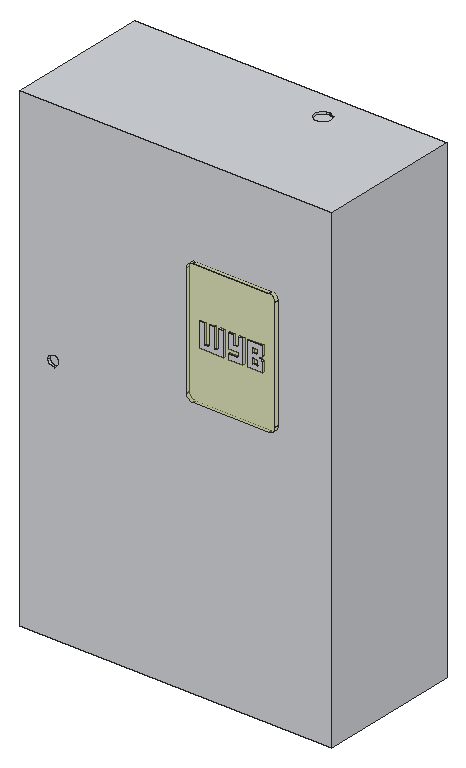
Revit family "ШУВ-М_С300_РЖ_ЮТ_18.03.25", category Оборудование, Revit 2020
Family settings
  Размер круглого соединителя = Использовать диаметр
  Классификация = Нет
  Тип детали = Нормальный
  На основе рабочей плоскости = Нет
  Всегда вертикально = Да
  При загрузке вырезать с полостями = Нет
  Общий = Нет
  Точка расчета площади = Нет
Parameters (values of type "ШУВ-М_С300_РЖ_ЮТ_55-75кВт")
  расст замок верт = 480 mm
  Ширина [instance] = 650 mm
  Типоразмер шкафа = "Ш5"
  Расст замок = 70 mm
  Расст ПУШ от верхней стенки = 190 mm
  Расст ввод от задней стенки = 60 mm
  Расст ввод от левой стенки = 440 mm
  Расст ПУШ от левой стенки = 355 mm
  Default Elevation = 0 mm
  Description = ""
  Назв гориз ПУШ = 210 mm
  Комментарии к типоразмеру = "Ш5/DEK"
  Изготовитель = "ООО \"Плазма-Т\""
  Группа модели = "ШУВ-М"
  Глубина [instance] = 300 mm
  Высота [instance] = 1000 mm
  URL = "https://plazma-t.ru/"
  B = 250 mm
  A = 225 mm
Types (5, lengths in mm): name | расст замок верт | Ширина | Типоразмер шкафа | Расст замок | Расст ПУШ от верхней стенки | Расст ввод от левой стенки | Расст ПУШ от левой стенки | Комментарии к типоразмеру | Глубина | Высота | B | A
  ШУВ-М_С300_РЖ_ЮТ_37-45кВт | 400 | 650 | "Ш4" | 55 | 110 | 355 | 335 | "Ш4/DEK" | 250 | 800 | 250 | 225
  ШУВ-М_С300_РЖ_ЮТ_90кВт | 480 | 750 | "Ш6" | 55 | 190 | 400 | 355 | "Ш6/DEK" | 300 | 1200 | 300 | 275
  ШУВ-М_С300_РЖ_ЮТ_18,5-30кВт | 300 | 500 | "Ш3" | 55 | 110 | 360 | 220 | "Ш3/DEK" | 220 | 650 | 175 | 150
  ШУВ-М_С300_РЖ_ЮТ_55-75кВт | 480 | 650 | "Ш5" | 70 | 190 | 440 | 355 | "Ш5/DEK" | 300 | 1000 | 250 | 225
  ШУВ-М_С300_РЖ_ЮТ_1,5-15кВт | 250 | 400 | "Ш2" | 55 | 80 | 320 | 160 | "Ш2/DEK" | 220 | 500 | 125 | 100
Reference planes
  plane 1 "По центру (Вперед/Назад)": y = 0
  plane 2: z = 0
  plane 3 "По центру (Влево/Вправо)": x = 0
  plane 4: y = -9
Forms (mm)
  Extrusion 1, solid
    sketch origin (0, 0, 0) x (1, 0, 0) y (0, 1, 0)
      loop
        line (0, 0) -> (650, 0) -> (650, 300) -> (0, 300) -> (0, 0)
    from 0 to 1000
  Extrusion 2, solid, material "Источник света по умолчанию"
    sketch origin (0, 0, 0) x (1, 0, 0) y (0, 0, 1)
      loop
        arc (368, 810) -> (358.808, 806.192) -> (355, 797) r 13
        line (355, 797) -> (355, 563)
        arc (355, 563) -> (358.808, 553.808) -> (368, 550) r 13
        line (368, 550) -> (526.542, 550)
        arc (526.542, 550) -> (535.734, 553.808) -> (539.542, 563) r 13
        line (539.542, 563) -> (539.542, 797)
        arc (539.542, 797) -> (535.734, 806.192) -> (526.542, 810) r 13
        line (526.542, 810) -> (368, 810)
    from 0 to 9
  Extrusion 3, void
    sketch origin (0, 0, 0) x (1, 0, 0) y (0, 0, 1)
      loop
        circle (70, 520) r 11.5
    from 10 to -5.347
  Extrusion 4, void
    sketch origin (0, 0, 1000) x (0, 1, 0) y (1, 0, 0)
      loop
        circle (240, 440) r 17
    from 0 to 3
  Extrusion 5, solid
    sketch origin (0, -9, 0) x (1, 0, 0) y (0, 0, 1)
      loop
        line (385.078, 660) -> (435.25, 660) -> (435.25, 710) -> (425.25, 710) -> (425.25, 670) -> (415.25, 670) -> (415.25, 710) -> (405.25, 710) -> (405.25, 670) -> (395.25, 670) -> (395.25, 710) -> (385.078, 710) -> (385.078, 660)
      loop
        line (445.25, 710) -> (445.25, 680) -> (465.25, 680) -> (465.25, 670) -> (445.25, 670) -> (445.25, 660) -> (475.25, 660) -> (475.25, 710) -> (465.25, 710) -> (465.25, 690) -> (455.25, 690) -> (455.25, 710) -> (445.25, 710)
      loop
        line (485.25, 710) -> (485.25, 660) -> (515.25, 660) -> (515.25, 680) -> (510.25, 685) -> (515.25, 690) -> (515.25, 710) -> (485.25, 710)
      loop
        line (495.25, 670) -> (505.675, 670) -> (505.675, 680) -> (495.25, 680) -> (495.25, 670)
      loop
        line (495.675, 700) -> (495.675, 690) -> (505.675, 690) -> (505.675, 700) -> (495.675, 700)
    from 0 to 3
  Extrusion 6, void
    sketch origin (0, 0, 0) x (1, 0, 0) y (0, 1, 0)
      loop
        circle (225, 239.633) r 17
      loop
        circle (275, 239.633) r 17
      loop
        circle (250, 189.633) r 17
      loop
        circle (300, 189.633) r 17
      loop
        circle (350, 189.633) r 17
      loop
        circle (400, 189.633) r 17
      loop
        circle (325, 239.633) r 17
      loop
        circle (375, 239.633) r 17
      loop
        circle (425, 239.633) r 17
    from 0 to 3
Cuts and joins
  Extrusion 3, Extrusion 4, Extrusion 6 cuts Extrusion 1
Dimensions and locks
  "Ширина": Extrusion 1 to Extrusion 1
  "Глубина": Extrusion 1 to Extrusion 1
  "Высота": Extrusion 1 to Extrusion 1
  Extrusion 1 to Extrusion 2 sketch curve = 190 mm
  "Расст ПУШ от верхней стенки": Extrusion 1 to Extrusion 2
  "расст замок верт": Extrusion 1 to Extrusion 3 sketch curve
  "Расст замок": Extrusion 1 to Extrusion 3 sketch curve
  "Расст ввод от левой стенки": Extrusion 4 sketch curve to cut or joined group of Extrusion 1, Extrusion 3, Extrusion 4, Extrusion 6
  "Расст ввод от задней стенки": cut or joined group of Extrusion 1, Extrusion 3, Extrusion 4, Extrusion 6 to Extrusion 4 sketch curve
  locked: Extrusion 2 sketch curve to Extrusion 2 sketch curve at 184.542
  locked: Extrusion 2 sketch curve to Extrusion 2 sketch curve at 260
  "Расст ПУШ от левой стенки": cut or joined group of Extrusion 1, Extrusion 3, Extrusion 4, Extrusion 6 to Extrusion 2 sketch curve
  cut or joined group of Extrusion 1, Extrusion 3, Extrusion 4, Extrusion 6 to cut or joined group of Extrusion 1, Extrusion 3, Extrusion 4, Extrusion 6 = 650 mm
  Extrusion 5 sketch curve to Extrusion 5 sketch curve = 50 mm
  Extrusion 5 sketch curve to Extrusion 2 = 160 mm
  Extrusion 5 sketch curve to Extrusion 5 sketch curve = 50.172 mm
  Extrusion 2 to Extrusion 5 sketch curve = 30.078 mm
  Extrusion 5 sketch curve to Extrusion 5 sketch curve = 60.172 mm
  Extrusion 5 sketch curve to Extrusion 5 sketch curve = 130.172 mm
  Extrusion 5 sketch curve to Extrusion 5 sketch curve = 30 mm  (x2)
  equal spacing: Extrusion 6 sketch curve, Extrusion 6 sketch curve, Extrusion 6 sketch curve, Extrusion 6 sketch curve, Extrusion 6 sketch curve
  equal spacing: Extrusion 6 sketch curve, Extrusion 6 sketch curve, Extrusion 6 sketch curve, Extrusion 6 sketch curve
  "A": cut or joined group of Extrusion 1, Extrusion 3, Extrusion 4, Extrusion 6 to Extrusion 6 sketch curve
  "B": cut or joined group of Extrusion 1, Extrusion 3, Extrusion 4, Extrusion 6 to Extrusion 6 sketch curve
  locked: Extrusion 6 sketch curve to Extrusion 6 sketch curve at 200
  locked: Extrusion 6 sketch curve to Extrusion 6 sketch curve at 150
  cut or joined group of Extrusion 1, Extrusion 3, Extrusion 4, Extrusion 6 to Extrusion 6 sketch curve = 60.367 mm  (x5)
  cut or joined group of Extrusion 1, Extrusion 3, Extrusion 4, Extrusion 6 to Extrusion 6 sketch curve = 110.367 mm  (x4)
  diameter of Extrusion 4 sketch curve = 34 mm
  aligned and locked: level to plane 2
  aligned and locked: Extrusion 1 to level
  aligned and locked: Extrusion 1 to plane 3 "По центру (Влево/Вправо)"
  aligned and locked: plane 1 "По центру (Вперед/Назад)" to Extrusion 1
Automatic sketch dimensions
  plane 3 "По центру (Влево/Вправо)" to Extrusion 1 sketch curve = 0 mm
  plane 1 "По центру (Вперед/Назад)" to Extrusion 1 sketch curve = 0 mm
  plane 3 "По центру (Влево/Вправо)" to Extrusion 1 sketch curve = 650 mm
  Extrusion 1 sketch curve to plane 1 "По центру (Вперед/Назад)" = 300 mm
  Extrusion 5 sketch curve to Extrusion 5 sketch curve = 10.172 mm
  Extrusion 5 sketch curve to Extrusion 5 sketch curve = 10 mm  (x15)
  Extrusion 5 sketch curve to Extrusion 5 sketch curve = 0 mm  (x10)
  Extrusion 5 sketch curve to Extrusion 5 sketch curve = 5 mm  (x3)
  Extrusion 5 sketch curve to Extrusion 5 sketch curve = 20 mm
  Extrusion 5 sketch curve to Extrusion 5 sketch curve = 0.425 mm
  Extrusion 5 sketch curve to Extrusion 5 sketch curve = 4.575 mm
  Extrusion 2 sketch curve to Extrusion 2 sketch curve = 13 mm  (x4)
  radius of Extrusion 3 sketch curve = 11.5 mm
  radius of Extrusion 6 sketch curve = 17 mm  (x9)
Connectors
  electrical at (440, 240, 997)
    settings: on cut or joined group of Extrusion 1, Extrusion 3, Extrusion 4, Extrusion 6, index 1, voltage 0 V, apparent load 0 VA, apparent load phase1 0 VA, apparent load phase2 0 VA, apparent load phase3 0 VA, power factor 1, load classification "Прочее", number of poles 1, system type 30, power factor state 1, is connector primary yes, connector utility no, sub classification motor no, connector description "380В или 220В"
  electrical at (250, 189.633, 3)
    settings: on cut or joined group of Extrusion 1, Extrusion 3, Extrusion 4, Extrusion 6, index 2, voltage 0 V, apparent load 0 VA, apparent load phase1 0 VA, apparent load phase2 0 VA, apparent load phase3 0 VA, power factor 1, load classification "Прочее", number of poles 1, system type 11, power factor state 1, is connector primary no, connector utility no, sub classification motor no, connector description "Сухой контакт"
  electrical at (300, 189.633, 3)
    settings: on cut or joined group of Extrusion 1, Extrusion 3, Extrusion 4, Extrusion 6, index 3, voltage 0 V, apparent load 0 VA, apparent load phase1 0 VA, apparent load phase2 0 VA, apparent load phase3 0 VA, power factor 1, load classification "Прочее", number of poles 1, system type 11, power factor state 1, is connector primary no, connector utility no, sub classification motor no, connector description "Сухой контакт"
  electrical at (350, 189.633, 3)
    settings: on cut or joined group of Extrusion 1, Extrusion 3, Extrusion 4, Extrusion 6, index 4, voltage 0 V, apparent load 0 VA, apparent load phase1 0 VA, apparent load phase2 0 VA, apparent load phase3 0 VA, power factor 1, load classification "Прочее", number of poles 1, system type 11, power factor state 1, is connector primary no, connector utility no, sub classification motor no, connector description "Сухой контакт"
  electrical at (400, 189.633, 3)
    settings: on cut or joined group of Extrusion 1, Extrusion 3, Extrusion 4, Extrusion 6, index 5, voltage 0 V, apparent load 0 VA, apparent load phase1 0 VA, apparent load phase2 0 VA, apparent load phase3 0 VA, power factor 1, load classification "Прочее", number of poles 1, system type 30, power factor state 1, is connector primary no, connector utility no, sub classification motor no, connector description "380В или 220В"
  electrical at (225, 239.633, 3)
    settings: on cut or joined group of Extrusion 1, Extrusion 3, Extrusion 4, Extrusion 6, index 6, voltage 0 V, apparent load 0 VA, apparent load phase1 0 VA, apparent load phase2 0 VA, apparent load phase3 0 VA, power factor 1, load classification "Прочее", number of poles 1, system type 13, power factor state 1, is connector primary no, connector utility no, sub classification motor no, connector description "Шлейф"
  electrical at (275, 239.633, 3)
    settings: on cut or joined group of Extrusion 1, Extrusion 3, Extrusion 4, Extrusion 6, index 7, voltage 0 V, apparent load 0 VA, apparent load phase1 0 VA, apparent load phase2 0 VA, apparent load phase3 0 VA, power factor 1, load classification "Прочее", number of poles 1, system type 13, power factor state 1, is connector primary no, connector utility no, sub classification motor no, connector description "Шлейф"
  electrical at (325, 239.633, 3)
    settings: on cut or joined group of Extrusion 1, Extrusion 3, Extrusion 4, Extrusion 6, index 8, voltage 0 V, apparent load 0 VA, apparent load phase1 0 VA, apparent load phase2 0 VA, apparent load phase3 0 VA, power factor 1, load classification "Прочее", number of poles 1, system type 13, power factor state 1, is connector primary no, connector utility no, sub classification motor no, connector description "Шлейф"
  electrical at (375, 239.633, 3)
    settings: on cut or joined group of Extrusion 1, Extrusion 3, Extrusion 4, Extrusion 6, index 9, voltage 0 V, apparent load 0 VA, apparent load phase1 0 VA, apparent load phase2 0 VA, apparent load phase3 0 VA, power factor 1, load classification "Прочее", number of poles 1, system type 13, power factor state 1, is connector primary no, connector utility no, sub classification motor no, connector description "Шлейф"
  electrical at (425, 239.633, 3)
    settings: on cut or joined group of Extrusion 1, Extrusion 3, Extrusion 4, Extrusion 6, index 10, voltage 0 V, apparent load 0 VA, apparent load phase1 0 VA, apparent load phase2 0 VA, apparent load phase3 0 VA, power factor 1, load classification "Прочее", number of poles 1, system type 13, power factor state 1, is connector primary no, connector utility no, sub classification motor no, connector description "Шлейф"
